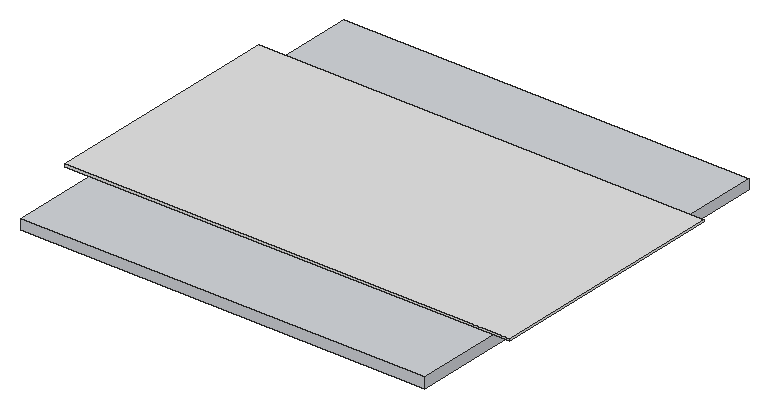
Revit family "26803", category Aparatos sanitarios, Revit 2017
Family settings
  Anfitrión = Cara
  Cota de conector redondo = Diámetro de uso
  Tipo de pieza = Normal
  Número OmniClass = 23.45.55.14
  Título OmniClass = Single Faucets
  Corte con vacíos al cargar = No
  Compartido = No
  Punto de cálculo de habitación = No
Parameters (values of type "26803")
  URL = "http://www.griferiasgalindo.com"
  Teléfono = "(+34) 915 782 575"
  TIPO DE AGUA = "Fria"
  REFERENCIA = "26803"
  Presión Máxima = "8 bar"
  PESO BRUTO = "1,920 Kg"
  Modelo = "PRESTO XT 2000 - P Blanco"
  Material = LATON CROMADO
  Imagen de tipo = <Ninguno>
  Fabricante = "PRESTO IBÉRICA"
  Default Elevation = 1219.2 mm
  ENTRADA = "Con latiguillo flexible de 1/2\""
  Descripción = "Grifo temporalizado de un agua para instalación mural y apertura por pulsador."
  Código de montaje = "C1030220"
  Contacto = "info@prestoiberica.com"
  Conexión AF = yes
  Conexión AC = no
  Comentarios de tipo = "Cuerpo y pulsador en latón. Piezas inferiores en matieriales resistentes a la corrosión e incrustaciones calcáreas. Cabeza intercambiable. Caño disponible en varias longitudes (bajo pedido). Suministrado con caja para empotrar. Entrada hembra de  1/2\"."
  CIERRE = "Automático en 10 seg."
  CAUDAL = "8 l/min"
  Accionamiento = "Mediante pulsador"
Reference planes
  plane 1 "Centro (Frontal/Posterior)": y = 0
  plane 2: z = 0
  plane 3 "Centro (Izquierda/Derecha)": x = 0
Forms (mm)
  Extrusion 1, solid
    sketch origin (0, 0, 0) x (1, 0, 0) y (0, 1, 0)
      loop
        line (-100, 100) -> (-100, -100) -> (100, -100) -> (100, 100) -> (-100, 100)
    from 0 to -5
  Extrusion 2, solid, material "LATON CROMADO"
    sketch origin (0, 0, 2) x (-1, 0, 0) y (0, -1, 0)
      loop
        line (110, -60) -> (110, 60) -> (-110, 60) -> (-110, -60) -> (110, -60)
    from 0 to 1
Dimensions and locks
  Extrusion 1 sketch curve to plane 1 "Centro (Frontal/Posterior)" = 100 mm
  aligned and locked: plane 2 to Extrusion 1
  aligned and locked: level to Extrusion 1
  aligned and locked: Extrusion 2 sketch curve to import instance  (x4)
Connectors
  piping at (83.5, 0, -42.5), diameter 12.7
    settings: on import instance, index 1, connector inside diameter 609.6 mm, connector length 0 mm, flow factor 0, pipe flow 0.0 L/s, pressure drop 0.0 Pa, fitting loss kfactor 0, connector angle 0.00°, fixture units 0, engagement length 0 mm, angle of deflection 0.00°, flow configuration 0, flow direction 1, fitting loss method 0, system type 20, joint type 0, gender type 0, connector reference index -1, connector utility 0, adjustable connector no, is connector primary yes, connector description ""
